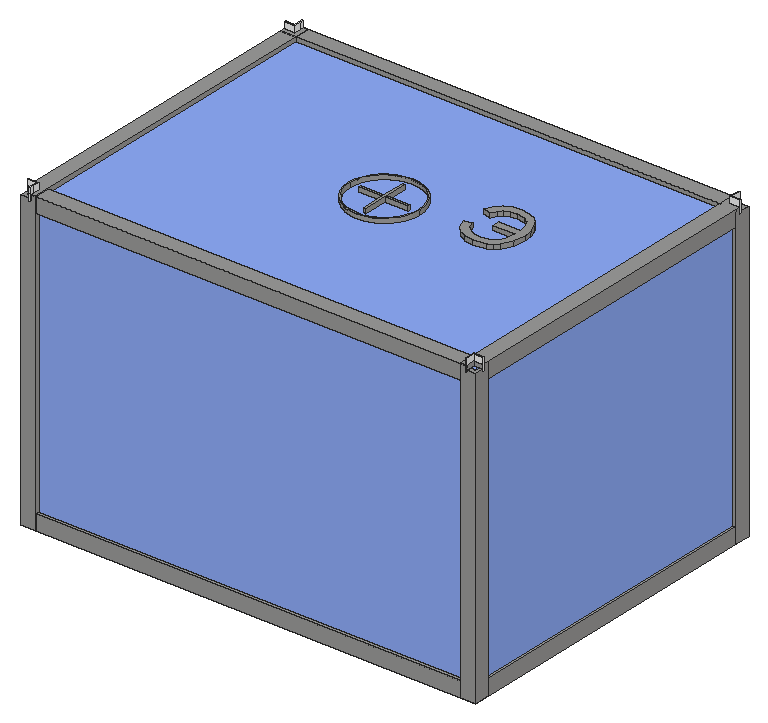
Revit family "7. Электрические нагреватели UTR ELN", category Оборудование, Revit 2016
Family settings
  Тип детали = Нормальный
  Размер круглого соединителя = Использовать диаметр
  На основе рабочей плоскости = Нет
  Всегда вертикально = Да
  При загрузке вырезать с полостями = Нет
  Общий = Нет
  Точка расчета площади = Нет
Parameters (values of type "90-50 ELN/60")
  ширина = 500 mm
  размер В = 1050 mm
  значок [instance] = yes
  высота = 900 mm
  Синий = Синий
  Силовой кабель = "ВВГ 4х10/2"
  Мощность, кВт = 60 W
  Д1 = Д - 20 mm  # 820 mm
  Д = 840 mm
  ножки(да/нет) [instance] = no
  Г = 645 mm
  Б1 = Б - 20 mm  # 720 mm
  А1 = А - 20 mm  # 1105 mm
  А = 1125 mm
  высота ножек = 50 mm
  Б = 740 mm
  Частотный преобразователь [instance] = no
  Частота вращения n, об/мин = ""
  Тип, марка, обозначение = "UTR 90-50 ELN/60"
  Сила тока J, А = "90.1"
  Регулятор расхода [instance] = no
  Раздел = "ОВ"
  Примечание = ""
  Позиция = ""
  Напряжение U,В = ""
  Наименование и тех.хар-ка = "Электрический нагреватель воздуха"  # constant formula
  Мощность двигателя N,Вт = ""
  Материал = RAL 0000 Серый металл
  Масса единицы = "82"
  Код, оборудования = ""
  Ключевая пометка = "Вентиляция"
  Задание электрикам [instance] = no
  Задание автоматчикам [instance] = no
  Завод изготовитель = "KORF"  # constant formula
  Единица измерения = "шт."  # constant formula
  h = высота ножек + 10 mm  # 60 mm
Types (25, lengths in mm): name | ширина | размер В | высота | Силовой кабель | Мощность, кВт | Д1 | Д | Г | Б1 | А1 | А | Б | Тип, марка, обозначение | Сила тока J, А | Материал | Масса единицы
  50-25 ELN/7,5 | 250 | 635 | 500 | "ВВГ 4х2,5/1" | 7.5 W | 490 | 510 | 395 | 450 | 690 | 710 | 470 | "UTR 50-25 ELN/7,5" | "11,3" | Сталь серая | "30"
  50-25 ELN/15 | 250 | 635 | 500 | "ВВГ 4х2,5/2" | 15 W | 590 | 610 | 395 | 450 | 690 | 710 | 470 | "UTR 50-25 ELN/15" | "22,6" | Сталь серая | "36"
  50-25 ELN/22,5 | 250 | 635 | 500 | "ВВГ 4х2,5/2" | 22.5 W | 690 | 710 | 395 | 450 | 690 | 710 | 470 | "UTR 50-25 ELN/22,5" | "33,9" | Сталь серая | "43"
  50-30 ELN/7,5 | 300 | 635 | 500 | "ВВГ 4х2,5/1" | 7.5 W | 490 | 510 | 445 | 500 | 690 | 710 | 520 | "UTR 50-30 ELN/7,5" | "11,3" | Сталь серая | "31"
  50-30 ELN/15 | 300 | 635 | 500 | "ВВГ 4х2,5/2" | 15 W | 590 | 610 | 445 | 500 | 690 | 710 | 520 | "UTR 50-30 ELN/15" | "22,6" | Сталь серая | "38"
  50-30 ELN/22,5 | 300 | 635 | 500 | "ВВГ 4х2,5/2" | 22.5 W | 690 | 710 | 445 | 500 | 690 | 710 | 520 | "UTR 50-30 ELN/22,5" | "33,9" | Сталь серая | "44"
  60-30 ELN/15 | 300 | 735 | 600 | "ВВГ 4х2,5/2" | 15 W | 590 | 610 | 445 | 500 | 790 | 810 | 520 | "UTR 60-30 ELN/15" | "22,6" | Сталь серая | "42"
  60-30 ELN/22,5 | 300 | 735 | 600 | "ВВГ 4х2,5/2" | 22.5 W | 690 | 710 | 445 | 500 | 790 | 810 | 520 | "UTR 60-30 ELN/22,5" | "33.9" | Сталь серая | "48"
  60-30 ELN/30 | 300 | 735 | 600 | "ВВГ 4х6/2" | 30 W | 820 | 840 | 445 | 500 | 790 | 810 | 520 | "UTR 60-30 ELN/30" | "45.1" | Сталь серая | "57"
  60-35 ELN/15 | 350 | 735 | 600 | "ВВГ 4х2,5/2" | 15 W | 590 | 610 | 495 | 550 | 790 | 810 | 570 | "UTR 60-35 ELN/15" | "22,6" | Сталь серая | "43"
  60-35 ELN/22,5 | 350 | 735 | 600 | "ВВГ 4х2,5/2" | 22.5 W | 690 | 710 | 495 | 550 | 790 | 810 | 570 | "UTR 60-35 ELN/22,5" | "33.9" | Сталь серая | "50"
  60-35 ELN/30 | 350 | 735 | 600 | "ВВГ 4х2,5/2" | 30 W | 820 | 840 | 495 | 550 | 790 | 810 | 570 | "UTR 60-35 ELN/30" | "45.1" | Сталь серая | "59"
  70-40 ELN/15 | 400 | 835 | 700 | "ВВГ 4х2,5/2" | 15 W | 590 | 610 | 545 | 600 | 890 | 910 | 620 | "UTR 70-40 ELN/15" | "22.6" | Сталь серая | "48"
  70-40 ELN/30 | 400 | 835 | 700 | "ВВГ 4х6/2" | 30 W | 590 | 610 | 545 | 600 | 890 | 910 | 620 | "UTR 70-40 ELN/30" | "45.1" | Сталь серая | "48"
  70-40 ELN/45 | 400 | 835 | 700 | "ВВГ 4х10/2" | 45 W | 820 | 840 | 545 | 600 | 890 | 910 | 620 | "UTR 70-40 ELN/45" | "67.6" | Сталь серая | "69"
  70-40 ELN/60 | 400 | 835 | 700 | "ВВГ 4х10/2" | 60 W | 820 | 840 | 545 | 600 | 890 | 910 | 620 | "UTR70-40 ELN/60" | "90.1" | Сталь серая | "69"
  80-50 ELN/15 | 500 | 935 | 800 | "ВВГ 4х2.5/2" | 15 W | 590 | 610 | 645 | 700 | 990 | 1010 | 720 | "UTR 80-50 ELN/15" | "22.6" | Сталь серая | "54"
  80-50 ELN/30 | 500 | 935 | 800 | "ВВГ 4х6/2" | 30 W | 590 | 610 | 645 | 700 | 990 | 1010 | 720 | "UTR 80-50 ELN/30" | "45.1" | Сталь серая | "54"
  80-50 ELN/45 | 500 | 935 | 800 | "ВВГ 4х10/2" | 45 W | 820 | 840 | 645 | 700 | 990 | 1010 | 720 | "UTR 80-50 ELN/45" | "67.6" | Сталь серая | "74"
  80-50 ELN/60 | 500 | 935 | 800 | "ВВГ 4х10/2" | 60 W | 820 | 840 | 645 | 700 | 990 | 1010 | 720 | "UTR 80-50 ELN/60" | "90.1" | Сталь серая | "74"
  90-50 ELN/30 | 500 | 1050 | 900 | "ВВГ 4х6/2" | 30 W | 590 | 610 | 645 | 720 | 1105 | 1125 | 740 | "UTR 90-50 ELN/30" | "45.1" | Сталь серая | "61"
  90-50 ELN/45 | 500 | 1050 | 900 | "ВВГ 4х10/2" | 45 W | 820 | 840 | 645 | 720 | 1105 | 1125 | 740 | "UTR 90-50 ELN/45" | "67.6" | Сталь серая | "82"
  90-50 ELN/60 | 500 | 1050 | 900 | "ВВГ 4х10/2" | 60 W | 820 | 840 | 645 | 720 | 1105 | 1125 | 740 | "UTR 90-50 ELN/60" | "90.1" | RAL 0000 Серый металл | "82"
  100-50 ELN/45 | 500 | 1150 | 1000 | "ВВГ 4х10/2" | 45 W | 820 | 840 | 665 | 720 | 1205 | 1225 | 740 | "UTR 100-50 ELN/45" | "67.6" | Сталь серая | "86"
  100-50 ELN/60 | 500 | 1150 | 1000 | "ВВГ 4х10/2" | 60 W | 820 | 840 | 665 | 720 | 1205 | 1225 | 740 | "UTR 100-50 ELN/60" | "90.1" | Сталь серая | "86"
Reference planes
  plane 1 "По центру (Вперед/Назад)": y = 0
  plane 2: z = 0
  plane 3 "По центру (Влево/Вправо)": x = 0
  plane 4: x = -552.5
  plane 5: x = 552.5
  plane 6: y = 410
  plane 7: y = -410
  plane 8: z = 780
  plane 9: z = 60
  plane 10: z = 805
  plane 11: z = 272.5
  plane 12: z = 600
  plane 13: z = 240
  plane 14: z = 110
  plane 15: z = 730
  plane 16: y = 30
  plane 17: y = -30
  plane 18: x = 606
Forms (mm)
  Extrusion 1, solid, material "Синий" <- "Синий", detail levels fine
    sketch origin (0, 0, 50) x (1, 0, 0) y (0, 1, 0)
      loop
        line (-552.5, 410) -> (-552.5, -410) -> (552.5, -410) -> (552.5, 410) -> (-552.5, 410)
    from 10 to 730
  Sweep 2, solid, material "RAL 0000 Серый металл" <- "Материал", detail levels fine
    path origin (552.5, -410, 50) x (-1, 0, 0) y (0, 0, -1)
      loop
        line (0, -730) -> (1105, -730) -> (1105, -10) -> (0, -10) -> (0, -730)
    profile "Профиль уголок 10х10 : Профиль уголок 10х10" origin (0, -410, 780) x (0, 0, -1) y (0, -1, 0)
      loop
        line (0, -27.5) -> (0, 0) -> (27.5, 0) -> (27.5, 10) -> (-10, 10) -> (-10, -27.5) -> (0, -27.5)
  Sweep 3, solid, material "RAL 0000 Серый металл" <- "Материал", detail levels fine
    path origin (-552.5, 410, 50) x (1, 0, 0) y (0, 0, -1)
      loop
        line (0, -730) -> (1105, -730) -> (1105, -10) -> (0, -10) -> (0, -730)
    profile "Профиль уголок 10х10 : Профиль уголок 10х10" origin (0, 410, 780) x (0, 0, -1) y (0, 1, 0)
      loop
        line (0, -27.5) -> (0, 0) -> (27.5, 0) -> (27.5, 10) -> (-10, 10) -> (-10, -27.5) -> (0, -27.5)
  Sweep 4, solid, material "RAL 0000 Серый металл" <- "Материал", detail levels fine
    path origin (552.5, 410, 50) x (0, -1, 0) y (0, 0, -1)
      loop
        line (0, -730) -> (820, -730) -> (820, -10) -> (0, -10) -> (0, -730)
    profile "Профиль уголок 10х10 : Профиль уголок 10х10" origin (552.5, 0, 780) x (0, 0, -1) y (1, 0, 0)
      loop
        line (0, -27.5) -> (0, 0) -> (27.5, 0) -> (27.5, 10) -> (-10, 10) -> (-10, -27.5) -> (0, -27.5)
  Sweep 5, solid, material "RAL 0000 Серый металл" <- "Материал", detail levels fine
    path origin (-552.5, -410, 50) x (0, 1, 0) y (0, 0, -1)
      loop
        line (0, -730) -> (820, -730) -> (820, -10) -> (0, -10) -> (0, -730)
    profile "Профиль уголок 10х10 : Профиль уголок 10х10" origin (-552.5, 0, 780) x (0, 0, -1) y (-1, 0, 0)
      loop
        line (0, -27.5) -> (0, 0) -> (27.5, 0) -> (27.5, 10) -> (-10, 10) -> (-10, -27.5) -> (0, -27.5)
  Extrusion 6, void
    sketch origin (-552.5, -79.965, 330) x (0, -1, 0) y (0, 0, -1)
      loop
        line (-477.965, -475) -> (-477.965, -450) -> (-528.913, -450) -> (-528.913, -475) -> (-477.965, -475)
    from -47.452 to 12
  Extrusion 7, void, not visible
    sketch origin (-345, -245, 50) x (0, -1, 0) y (0, 0, -1)
      loop
        line (-477.965, -475) -> (-477.965, -450) -> (-528.913, -450) -> (-528.913, -475) -> (-477.965, -475)
    from -47.452 to 12
  Extrusion 8, void
    sketch origin (552.5, 79.965, 330) x (0, 1, 0) y (0, 0, -1)
      loop
        line (318.035, -475) -> (368.984, -475) -> (368.984, -450) -> (318.035, -450) -> (318.035, -475)
    from -47.452 to 12
  Extrusion 9, void
    sketch origin (-552.5, -79.965, 330) x (0, -1, 0) y (0, 0, -1)
      loop
        line (318.035, -475) -> (368.984, -475) -> (368.984, -450) -> (318.035, -450) -> (318.035, -475)
    from -47.452 to 12
  Extrusion 10, void
    sketch origin (552.5, 79.965, 330) x (0, 1, 0) y (0, 0, -1)
      loop
        line (-477.965, -475) -> (-477.965, -450) -> (-528.913, -450) -> (-528.913, -475) -> (-477.965, -475)
    from -47.452 to 12
  Extrusion 11, solid, material "RAL 0000 Серый металл" <- "Материал", visible <- "значок", detail levels fine
    sketch origin (0, 0, 0) x (1, 0, 0) y (0, 1, 0)
      loop
        circle (0, 0) r 87.734
      loop
        circle (0, 0) r 85
      loop
        line (-2.899, 60) -> (-2.899, 2.899) -> (-60, 2.899) -> (-60, -2.905) -> (-2.899, -2.905) -> (-2.899, -60) -> (2.905, -60) -> (2.905, -2.905) -> (60, -2.905) -> (60, 2.899) -> (2.905, 2.899) -> (2.905, 60) -> (-2.899, 60)
      loop
        line (200.702, 74.925) -> (206.51, 88.05) -> (215.351, 97.425) -> (227.225, 103.05) -> (242.133, 104.925) -> (261.91, 101.811) -> (276.892, 92.468) -> (286.637, 77.815) -> (290.702, 58.772) -> (235.318, 58.772) -> (235.318, 40.31) -> (290.702, 40.31) -> (286.628, 19.225) -> (276.64, 3.135) -> (261.874, -7.061) -> (243.467, -10.459) -> (227.169, -8.296) -> (214.224, -1.805) -> (204.633, 9.012) -> (198.395, 24.156) -> (179.933, 19.541) -> (188.56, -1.661) -> (201.676, -16.805) -> (219.281, -25.892) -> (241.375, -28.921) -> (271.781, -23.309) -> (283.637, -16.295) -> (293.262, -6.475) -> (305.747, 18.581) -> (309.164, 48.856) -> (307.275, 68.061) -> (301.61, 85.508) -> (292.041, 100.599) -> (278.443, 112.732) -> (261.324, 120.723) -> (241.195, 123.387) -> (220.237, 120.484) -> (203.01, 111.776) -> (190.137, 97.912) -> (182.241, 79.541) -> (200.702, 74.925)
    from 330 to 790
Cuts and joins
  Extrusion 6, Extrusion 8, Extrusion 9, Extrusion 10 cuts Extrusion 1
  Extrusion 6, Extrusion 8, Extrusion 9, Extrusion 10 cuts Sweep 3
  Extrusion 6, Extrusion 8, Extrusion 9 cuts Sweep 5
  Extrusion 8, Extrusion 10 cuts Sweep 4
  Extrusion 9, Extrusion 10 cuts Sweep 2
Dimensions and locks
  equal spacing: plane 6, plane 1 "По центру (Вперед/Назад)", plane 7
  "Д1": plane 6 to plane 7
  equal spacing: plane 4, plane 3 "По центру (Влево/Вправо)", plane 5
  "А1": plane 4 to plane 5
  "h": plane 9 to level
  "Б1": plane 8 to plane 9
  locked: plane 10 to plane 8 at 25
  locked: plane 8 to plane 15 at 50
  locked: plane 8 to plane 12 at 180
  locked: plane 14 to plane 9 at 50
  locked: plane 13 to plane 9 at 180
  locked: plane 1 "По центру (Вперед/Назад)" to plane 17 at 30
  locked: plane 16 to plane 1 "По центру (Вперед/Назад)" at 30
  locked: plane 18 to plane 5 at 53.5
  cut or joined group of Sweep 2, Extrusion 9, Extrusion 10 to level = 50 mm
  aligned and locked: level to plane 2
  aligned and locked: plane 6 to Extrusion 1
  aligned and locked: Extrusion 1 to plane 5
  aligned and locked: Extrusion 1 to plane 7
  aligned and locked: Extrusion 1 to plane 4
  aligned and locked: plane 8 to Extrusion 1
  aligned and locked: Extrusion 1 to plane 9
  aligned and locked: Sweep 4 sketch curve to Extrusion 1  (x2)
  aligned and locked: Sweep 5 sketch curve to Extrusion 1  (x2)
  aligned and locked: nested 1 to Sweep 5  (x2)
  aligned and locked: nested 2 to Sweep 4
  aligned and locked: Sweep 4 to nested 2
  aligned and locked: nested 4 to Sweep 4  (x2)
  aligned and locked: Sweep 5 to nested 3
  aligned and locked: nested 3 to Sweep 5
  aligned and locked: Extrusion 6 to nested 5  (x2)
  aligned and locked: Extrusion 8 to nested 7
  aligned and locked: nested 7 to Extrusion 8
  aligned and locked: Extrusion 9 to nested 8
  aligned and locked: nested 8 to Extrusion 9
  aligned and locked: Extrusion 10 to nested 9
  aligned and locked: nested 9 to Extrusion 10
  aligned and locked: nested 8 to cut or joined group of Sweep 2, Extrusion 9, Extrusion 10  (x2)
  aligned and locked: nested 5 to cut or joined group of Sweep 3, Extrusion 6, Extrusion 8, Extrusion 9, Extrusion 10
  aligned and locked: nested 5 to cut or joined group of Sweep 5, Extrusion 6, Extrusion 8, Extrusion 9
  aligned and locked: nested 7 to cut or joined group of Sweep 4, Extrusion 8, Extrusion 10
  aligned and locked: nested 7 to cut or joined group of Sweep 3, Extrusion 6, Extrusion 8, Extrusion 9, Extrusion 10
  aligned and locked: nested 9 to cut or joined group of Sweep 2, Extrusion 9, Extrusion 10
  aligned and locked: cut or joined group of Sweep 2, Extrusion 9, Extrusion 10 to nested 9
  aligned and locked: nested 8 to plane 10
  aligned and locked: nested 9 to plane 10
  aligned and locked: plane 10 to nested 5
  aligned and locked: plane 10 to nested 7
  aligned and locked: plane 4 to nested 10
  aligned and locked: nested 10 to plane 6
  aligned and locked: nested 11 to plane 7
  aligned and locked: plane 8 to nested 11
  aligned and locked: cut or joined group of Sweep 3, Extrusion 6, Extrusion 8, Extrusion 9, Extrusion 10 to Extrusion 11
Automatic sketch dimensions
  Extrusion 6 sketch curve to Extrusion 6 sketch curve = 50.949 mm
  Extrusion 6 sketch curve to Extrusion 6 sketch curve = 25 mm
  Extrusion 7 sketch curve to Extrusion 7 sketch curve = 50.949 mm
  Extrusion 7 sketch curve to Extrusion 7 sketch curve = 25 mm
  Extrusion 8 sketch curve to Extrusion 8 sketch curve = 50.949 mm
  Extrusion 8 sketch curve to Extrusion 8 sketch curve = 25 mm
  Extrusion 9 sketch curve to Extrusion 9 sketch curve = 50.949 mm
  Extrusion 9 sketch curve to Extrusion 9 sketch curve = 25 mm
  Extrusion 10 sketch curve to Extrusion 10 sketch curve = 50.949 mm
  Extrusion 10 sketch curve to Extrusion 10 sketch curve = 25 mm
  Extrusion 1 sketch curve to plane 4 = 0 mm
  Extrusion 1 sketch curve to plane 5 = 0 mm
  Extrusion 1 sketch curve to plane 7 = 0 mm
  Extrusion 1 sketch curve to plane 6 = 0 mm
  Sweep 2 sketch curve to Extrusion 1 = 0 mm  (x4)
  Sweep 3 sketch curve to Extrusion 1 = 0 mm  (x3)
  Extrusion 1 to Sweep 3 sketch curve = 0 mm
  Sweep 4 sketch curve to Extrusion 1 = 0 mm  (x2)
  Sweep 5 sketch curve to Extrusion 1 = 0 mm  (x2)
  Extrusion 11 sketch curve to Extrusion 11 sketch curve = 0 mm  (x3)
  Extrusion 11 sketch curve to plane 1 "По центру (Вперед/Назад)" = 2.899 mm  (x2)
  plane 1 "По центру (Вперед/Назад)" to Extrusion 11 sketch curve = 0 mm
  Extrusion 11 sketch curve to plane 3 "По центру (Влево/Вправо)" = 0 mm
  Extrusion 11 sketch curve to plane 3 "По центру (Влево/Вправо)" = 2.899 mm  (x2)
  Extrusion 11 sketch curve to Extrusion 11 sketch curve = 57.101 mm
  plane 3 "По центру (Влево/Вправо)" to Extrusion 11 sketch curve = 2.905 mm  (x2)
  Extrusion 11 sketch curve to Extrusion 11 sketch curve = 57.095 mm
  plane 1 "По центру (Вперед/Назад)" to Extrusion 11 sketch curve = 2.905 mm  (x2)
  plane 17 to Extrusion 11 sketch curve = 30 mm
  Extrusion 11 sketch curve to plane 16 = 30 mm
  plane 16 to Extrusion 11 sketch curve = 10.459 mm
  Extrusion 11 sketch curve to Extrusion 11 sketch curve = 119.933 mm
  Extrusion 11 sketch curve to plane 16 = 49.541 mm
  Extrusion 11 sketch curve to Extrusion 11 sketch curve = 2.308 mm
  plane 1 "По центру (Вперед/Назад)" to Extrusion 11 sketch curve = 1.661 mm
  Extrusion 11 sketch curve to Extrusion 11 sketch curve = 8.627 mm
  Extrusion 11 sketch curve to plane 16 = 67.912 mm
  Extrusion 11 sketch curve to Extrusion 11 sketch curve = 7.897 mm
  plane 16 to Extrusion 11 sketch curve = 5.844 mm
  Extrusion 11 sketch curve to Extrusion 11 sketch curve = 18.462 mm  (x4)
  Extrusion 11 sketch curve to plane 16 = 44.925 mm
  Extrusion 11 sketch curve to plane 17 = 13.195 mm
  Extrusion 11 sketch curve to Extrusion 11 sketch curve = 13.116 mm
  Extrusion 11 sketch curve to Extrusion 11 sketch curve = 12.873 mm
  Extrusion 11 sketch curve to plane 1 "По центру (Вперед/Назад)" = 9.012 mm
  Extrusion 11 sketch curve to Extrusion 11 sketch curve = 6.238 mm
  Extrusion 11 sketch curve to plane 16 = 58.05 mm
  Extrusion 11 sketch curve to Extrusion 11 sketch curve = 5.808 mm
  plane 1 "По центру (Вперед/Назад)" to Extrusion 11 sketch curve = 1.805 mm
  Extrusion 11 sketch curve to Extrusion 11 sketch curve = 9.591 mm
  Extrusion 11 sketch curve to Extrusion 11 sketch curve = 8.841 mm
  Extrusion 11 sketch curve to plane 17 = 4.108 mm
  Extrusion 11 sketch curve to Extrusion 11 sketch curve = 17.605 mm
  Extrusion 11 sketch curve to Extrusion 11 sketch curve = 17.227 mm
  plane 1 "По центру (Вперед/Назад)" to Extrusion 11 sketch curve = 8.296 mm
  Extrusion 11 sketch curve to Extrusion 11 sketch curve = 12.945 mm
  Extrusion 11 sketch curve to Extrusion 11 sketch curve = 11.874 mm
  Extrusion 11 sketch curve to Extrusion 11 sketch curve = 34.615 mm
  Extrusion 11 sketch curve to Extrusion 11 sketch curve = 20.959 mm
  Extrusion 11 sketch curve to plane 17 = 1.079 mm
  Extrusion 11 sketch curve to Extrusion 11 sketch curve = 22.094 mm
  Extrusion 11 sketch curve to Extrusion 11 sketch curve = 14.908 mm
  plane 1 "По центру (Вперед/Назад)" to Extrusion 11 sketch curve = 10.459 mm
  Extrusion 11 sketch curve to Extrusion 11 sketch curve = 16.298 mm
  Extrusion 11 sketch curve to Extrusion 11 sketch curve = 20.129 mm
  plane 1 "По центру (Вперед/Назад)" to Extrusion 11 sketch curve = 7.061 mm
  Extrusion 11 sketch curve to Extrusion 11 sketch curve = 18.407 mm
  Extrusion 11 sketch curve to Extrusion 11 sketch curve = 0.586 mm
  Extrusion 11 sketch curve to plane 17 = 6.691 mm
  Extrusion 11 sketch curve to Extrusion 11 sketch curve = 9.907 mm
  Extrusion 11 sketch curve to plane 1 "По центру (Вперед/Назад)" = 3.135 mm
  Extrusion 11 sketch curve to Extrusion 11 sketch curve = 14.766 mm
  Extrusion 11 sketch curve to Extrusion 11 sketch curve = 14.982 mm
  Extrusion 11 sketch curve to Extrusion 11 sketch curve = 17.118 mm
  Extrusion 11 sketch curve to plane 17 = 13.705 mm
  Extrusion 11 sketch curve to Extrusion 11 sketch curve = 11.856 mm
  plane 16 to Extrusion 11 sketch curve = 10.775 mm
  Extrusion 11 sketch curve to Extrusion 11 sketch curve = 9.988 mm
  Extrusion 11 sketch curve to Extrusion 11 sketch curve = 9.745 mm
  Extrusion 11 sketch curve to Extrusion 11 sketch curve = 4.066 mm
  Extrusion 11 sketch curve to Extrusion 11 sketch curve = 15.149 mm
  plane 1 "По центру (Вперед/Назад)" to Extrusion 11 sketch curve = 6.475 mm
  Extrusion 11 sketch curve to Extrusion 11 sketch curve = 9.625 mm
  Extrusion 11 sketch curve to Extrusion 11 sketch curve = 14.973 mm
  plane 16 to Extrusion 11 sketch curve = 11.419 mm
  Extrusion 11 sketch curve to Extrusion 11 sketch curve = 19.12 mm
  Extrusion 11 sketch curve to Extrusion 11 sketch curve = 5.666 mm
  Extrusion 11 sketch curve to Extrusion 11 sketch curve = 1.889 mm
  Extrusion 11 sketch curve to plane 16 = 10.31 mm
  Extrusion 11 sketch curve to plane 16 = 18.856 mm
  Extrusion 11 sketch curve to Extrusion 11 sketch curve = 9.289 mm
  Extrusion 11 sketch curve to Extrusion 11 sketch curve = 19.043 mm
  Extrusion 11 sketch curve to Extrusion 11 sketch curve = 7.694 mm
  Extrusion 11 sketch curve to Extrusion 11 sketch curve = 14.653 mm
  Extrusion 11 sketch curve to Extrusion 11 sketch curve = 9.375 mm
  Extrusion 11 sketch curve to Extrusion 11 sketch curve = 8.131 mm
  Extrusion 11 sketch curve to Extrusion 11 sketch curve = 9.343 mm
  Extrusion 11 sketch curve to Extrusion 11 sketch curve = 5.625 mm
  Extrusion 11 sketch curve to Extrusion 11 sketch curve = 1.875 mm
  Extrusion 11 sketch curve to Extrusion 11 sketch curve = 13.864 mm
  Extrusion 11 sketch curve to Extrusion 11 sketch curve = 12.133 mm
  Extrusion 11 sketch curve to Extrusion 11 sketch curve = 17.434 mm
  Extrusion 11 sketch curve to Extrusion 11 sketch curve = 7.991 mm
  radius of Extrusion 11 sketch curve = 87.734 mm
  radius of Extrusion 11 sketch curve = 85 mm
Nested families
  nested 1: "Ножка 50мм" at (-565.5, 423, 0), visible <- "ножки(да/нет)", type "Ножка 50мм", detail levels fine
  nested 2: "Ножка 50мм" at (565.5, 423, 0) x (-1, 0, 0) z (0, 0, 1), visible <- "ножки(да/нет)", type "Ножка 50мм", detail levels fine
  nested 3: "Ножка 50мм" at (-565.5, -423, 0), visible <- "ножки(да/нет)", type "Ножка 50мм", detail levels fine
  nested 4: "Ножка 50мм" at (565.5, -423, 0) x (-1, 0, 0) z (0, 0, 1), visible <- "ножки(да/нет)", type "Ножка 50мм", detail levels fine
  nested 5: "крепление 15мм" at (-537.5, 395, 775), type "крепление 15мм", detail levels fine
  nested 6: "крепление 15мм" at (-330, 229.965, 495), type "крепление 15мм", not visible, detail levels fine
  nested 7: "крепление 15мм" at (537.5, 395, 775) x (-1, 0, 0) z (0, 0, 1), type "крепление 15мм", detail levels fine
  nested 8: "крепление 15мм" at (-537.5, -395, 775), type "крепление 15мм", detail levels fine
  nested 9: "крепление 15мм" at (537.5, -395, 775) x (-1, 0, 0) z (0, 0, 1), type "крепление 15мм", detail levels fine
  nested 10: "УГО эл.нагреватель(план)" at (0, 0, 780), длина <- "Д1", Ширина <- "А1", type "УГО вентилятор", detail levels coarse
    with длина 820 mm, Ширина 1105 mm
  nested 11: "УГО эл.водонагреватель (разрез)" at (0, 0, 60) x (0, 1, 0) z (0, 0, 1), высота <- "Б1", длина <- "Д1", type "УГО эл.водонагреватель (разрез)", detail levels medium
    with длина 820 mm, высота 720 mm, Ширина 0 mm
Connectors
  hvac at (0, -420, 420), driven by "ширина", driven by "высота"
    settings: on cut or joined group of Sweep 2, Extrusion 9, Extrusion 10, index 1, duct flow 0.0 L/s, flow factor 0, pres drop 0.0 Pa, loss coef 0, conn angle 0.00°, conn width 900 mm, conn height 500 mm, conn diameter 609.6 mm, duct sys type 28, conn prof type 1, flow config 0, flow direction 0, loss method 0, conn ref index 2, conn util no, is conn primary yes, conn desc ""
  hvac at (0, 420, 420), driven by "ширина", driven by "высота"
    settings: on cut or joined group of Sweep 3, Extrusion 6, Extrusion 8, Extrusion 9, Extrusion 10, index 2, duct flow 0.0 L/s, flow factor 0, pres drop 0.0 Pa, loss coef 0, conn angle 0.00°, conn width 900 mm, conn height 500 mm, conn diameter 609.6 mm, duct sys type 28, conn prof type 1, flow config 0, flow direction 0, loss method 0, conn ref index 1, conn util no, is conn primary no, conn desc ""
Definition of nested family "Ножка 50мм"
  Parameters (values of type "Ножка 50мм")
    Материал ножек = none
  Reference planes
    plane 1 "По центру (Вперед/Назад)": y = 0
    plane 2: z = 0
    plane 3 "По центру (Влево/Вправо)": x = 0
  Forms (mm)
    Extrusion 1, solid, material <- "Материал ножек"
      sketch origin (0, 0, 0) x (1, 0, 0) y (0, 1, 0)
        loop
          line (0, 0) -> (0, -28) -> (3, -28) -> (3, -3) -> (28, -3) -> (28, 0) -> (0, 0)
      from 0 to 70
    Extrusion 2, solid, material <- "Материал ножек"
      sketch origin (0, 0, 0) x (1, 0, 0) y (0, 1, 0)
        loop
          line (0, 0) -> (0, -28.035) -> (28.021, -28.035) -> (28.021, 0) -> (0, 0)
      from 0 to 3
  Cuts and joins
    joined: Extrusion 1, Extrusion 2
  Dimensions and locks
    Extrusion 1 sketch curve to Extrusion 1 sketch curve = 3 mm  (x2)
    Extrusion 1 sketch curve to Extrusion 1 sketch curve = 28 mm  (x2)
    aligned and locked: level to plane 2
Definition of nested family "крепление 15мм"
  Parameters (values of type "крепление 15мм")
    Материал крепления = none
  Reference planes
    plane 1 "По центру (Вперед/Назад)": y = 0
    plane 2: z = 0
    plane 3 "По центру (Влево/Вправо)": x = 0
  Forms (mm)
    Extrusion 1, solid, material <- "Материал крепления"
      sketch origin (0, 0, 0) x (1, 0, 0) y (0, 1, 0)
        loop
          line (-25, 0) -> (0, 0) -> (0, 18.31) -> (0, 25) -> (-3, 25) -> (-3, 3) -> (-25, 3) -> (-25, 0)
      from 0 to 30
    Extrusion 2, void
      sketch origin (0, 0, 0) x (1, 0, 0) y (0, 1, 0)
        loop
          line (-3, 3) -> (-3, 54.96) -> (-58, 54.96) -> (-58, 3) -> (-3, 3)
      from 0 to 15
  Cuts and joins
    Extrusion 2 cuts Extrusion 1
  Dimensions and locks
    Extrusion 1 sketch curve to Extrusion 1 sketch curve = 3 mm  (x2)
    Extrusion 1 sketch curve to Extrusion 1 sketch curve to plane 3 "По центру (Влево/Вправо)" = 25 mm, 0 mm
    Extrusion 1 sketch curve to Extrusion 1 sketch curve = 25 mm
    aligned and locked: level to plane 2
Definition of nested family "УГО эл.нагреватель(план)"
  Parameters (values of type "УГО вентилятор")
    длина [instance] = 300 mm
    Ширина [instance] = 800 mm
    Частота вращения n, об/мин = ""
    Тип, марка, обозначение = ""
    Сила тока J, А = ""
    Раздел = "ВПИСАТЬ РАЗДЕЛ"
    Примечание = ""
    Позиция = ""
    Default Elevation = 1219.2 mm
    Напряжение U,В = ""
    Наименование и тех.хар-ка = ""
    Мощность двигателя N,Вт = ""
    Материал = none
    Масса единицы = ""
    Код, оборудования = ""
    Keynote = "ВПИСАТЬ СПЕЦИАЛЬНОСТЬ"
    Завод изготовитель = ""
    Единица измерения = ""
    Диаметр = 110 mm
  Reference planes
    plane 1 "По центру (Вперед/Назад)": y = 0
    plane 2: z = 0
    plane 3 "По центру (Влево/Вправо)": x = 0
    plane 4: y = 150
    plane 5: y = -150
    plane 6: x = -400
    plane 7: x = 400
  Lines and regions (mm)
    model lines
      curve 1: line (0, 80, 0) -> (0, -80, 0)
      curve 2: line (-80, 0, 0) -> (80, 0, 0)
      curve 3: line (-400, 150, 0) -> (400, 150, 0)
      curve 4: line (-400, -150, 0) -> (-400, 150, 0)
      curve 5: line (400, -150, 0) -> (-400, -150, 0)
      curve 6: line (400, 150, 0) -> (400, -150, 0)
      curve 7: circle (0, 0, 0) r 80 normal (0, 0, 1)
  Dimensions and locks
    "Ширина": plane 6 to plane 7
    "длина": plane 4 to plane 5
    equal spacing: plane 5, plane 1 "По центру (Вперед/Назад)", plane 4
    equal spacing: plane 6, plane 3 "По центру (Влево/Вправо)", plane 7
    aligned and locked: level to plane 2
  Automatic sketch dimensions
    curve 4 to plane 4 = 0 mm
    curve 4 to plane 6 = 0 mm
    plane 1 "По центру (Вперед/Назад)" to curve 2 = 0 mm
    curve 1 to plane 3 "По центру (Влево/Вправо)" = 0 mm
    plane 1 "По центру (Вперед/Назад)" to curve 7 = 0 mm
    curve 7 to plane 3 "По центру (Влево/Вправо)" = 0 mm
    curve 3 to plane 7 = 0 mm
    plane 5 to curve 4 = 0 mm
    curve 2 to plane 3 "По центру (Влево/Вправо)" = 80 mm
Definition of nested family "УГО эл.водонагреватель (разрез)"
  Parameters (values of type "УГО эл.водонагреватель (разрез)")
    длина [instance] = 200 mm
    высота [instance] = 410 mm
    Ширина [instance] = 410 mm
    Частота вращения n, об/мин = ""
    Тип, марка, обозначение = ""
    Сила тока J, А = ""
    Раздел = ""
    Примечание = ""
    Позиция = ""
    Default Elevation = 1219.2 mm
    Напряжение U,В = ""
    Наименование и тех.хар-ка = ""
    Мощность двигателя N,Вт = ""
    Материал = none
    Масса единицы = ""
    Код, оборудования = ""
    Keynote = ""
    Завод изготовитель = ""
    Единица измерения = ""
    Диаметр = 110 mm
  Reference planes
    plane 1 "По центру (Вперед/Назад)": y = 0
    plane 2: z = 0
    plane 3 "По центру (Влево/Вправо)": x = 0
    plane 4: z = 410
    plane 5: x = 100
    plane 6: x = -100
    plane 7: z = 205
  Lines and regions (mm)
    model lines
      curve 1: line (0, 0, 255) -> (0, 0, 155)
      curve 2: line (-50, 0, 205) -> (50, 0, 205)
      curve 3: circle (0, 0, 205) r 50 normal (0, -1, 0)
      curve 4: line (-100, 0, 0) -> (100, 0, 0)
      curve 5: line (-100, 0, 410) -> (-100, 0, 0)
      curve 6: line (100, 0, 410) -> (-100, 0, 410)
      curve 7: line (100, 0, 0) -> (100, 0, 410)
  Dimensions and locks
    equal spacing: plane 5, plane 3 "По центру (Влево/Вправо)", plane 6
    "длина": plane 5 to plane 6
    "высота": plane 4 to level
    equal spacing: plane 4, plane 7, plane 2
    aligned and locked: level to plane 2
  Automatic sketch dimensions
    curve 4 to level = 0 mm
    curve 4 to plane 6 = 0 mm
    curve 2 to plane 7 = 0 mm
    curve 1 to plane 3 "По центру (Влево/Вправо)" = 0 mm
    curve 3 to plane 3 "По центру (Влево/Вправо)" = 0 mm
    curve 4 to plane 5 = 0 mm
    curve 3 to plane 7 = 0 mm
    curve 6 to plane 4 = 0 mm
    curve 2 to plane 3 "По центру (Влево/Вправо)" = 50 mm
